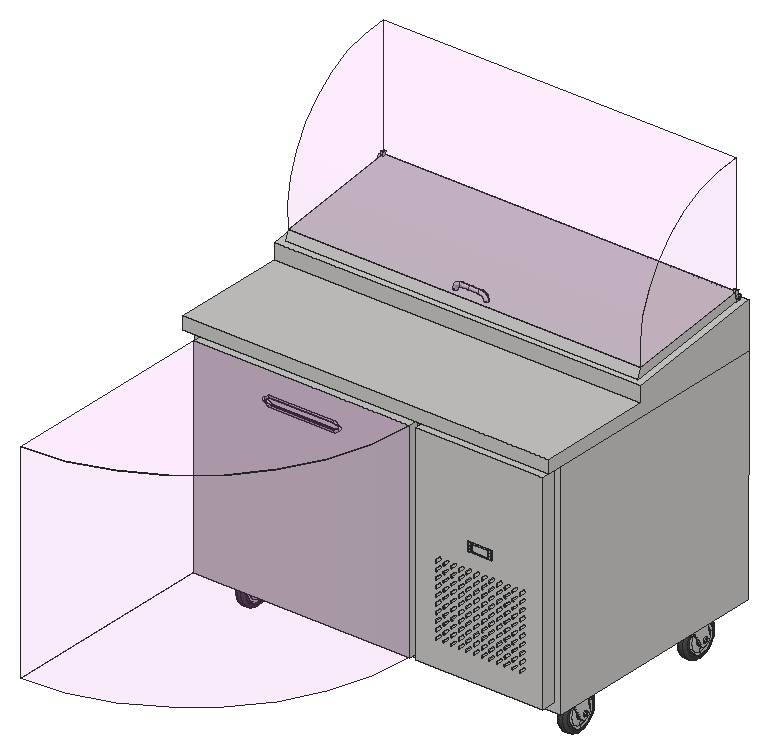
Revit family "QF_Kelvinator_738252_KCHPT50.6_1-Door_Pizza_Prep_Table_48_Long", category Specialty Equipment, Revit 2021
Family settings
  Round Connector Dimension = Use Diameter
  Part Type = Normal
  Work Plane-Based = No
  Always vertical = Yes
  Cut with Voids When Loaded = No
  Shared = No
  Room Calculation Point = No
Parameters
  Weight in Pounds = 224.872
  Watts = 700 W
  Volts = 115 V
  URL Cutsheet = ""
  Specification by User = ""
  Specification by Manufacturer = ""
  Serial Number = ""
  Seismic Rating = ""
  SMACNA No = ""
  Revision Code = ""
  Refrigerant Type = "R290"
  Phase = 1
  Number of Poles = 1
  NAFEM Spec ID Number = ""
  Model = "738252 (KCHPT50.6)"
  Min Ckt Ampacity = 0 A
  Max Overcurrent Protection = 0 A
  Masterspec = ""
  Manufacturer = "Kelvinator Commercial"
  Length = 47.375"
  Item Number = "738252"
  Installed By = ""
  Identify Quantity as Lot = yes
  Height = 41.3125"
  HP = "1/3"
  Furnished By = ""
  Foodservice Equipment Identifier = yes
  FL Amps = 5 A
  Electrical Remarks = ""
  Electric Connection Type = ""
  Elec Conn RI Height = 0.000"
  Elec Conn Connection Height = 0.000"
  Description = "1-Door Pizza Prep Table 48\" Long"
  Depth = 32.250"
  Default Elevation = 0.000"
  Cycle = 60 Hz
  Conn Plug = "5-15P"
  Conn Conduit = yes
  CSI MasterFormat = ""
  Apparent Power = 0 VA
Reference planes (in)
  plane 1 "BACK": y = 0
  plane 2: z = 0
  plane 3 "LEFT": x = 0
  plane 4 "RIGHT": x = 47.375
  plane 5 "FRONT": y = -32.25
  plane 6 "TOP": z = 41.3125
  plane 7 "Center Y": x = 23.6875
  plane 8 "Center X": y = -16.125
Dimensions and locks (in)
  equal spacing: plane 3 "LEFT", plane 7 "Center Y", plane 4 "RIGHT"
  "Length": plane 3 "LEFT" to plane 4 "RIGHT"
  equal spacing: plane 5 "FRONT", plane 8 "Center X", plane 1 "BACK"
  "Depth": plane 5 "FRONT" to plane 1 "BACK"
  "Height": plane 6 "TOP" to level
  aligned and locked: level to plane 2
Nested families (in)
  nested 1: "KCHPT" at (0, 0, 0), type "KCHPT"
    with Show Clearance yes
Connectors (in)
  electrical at (23.6875, -1.18418, 4.62235), driven by "Volts", driven by "Watts"
    settings: on nested 1, index 1, voltage 115 V, apparent load 700 VA, apparent load phase1 0 VA, apparent load phase2 0 VA, apparent load phase3 0 VA, power factor 1, load classification "Power", number of poles 1, system type 30, power factor state 1, is connector primary yes, connector utility no, sub classification motor no, connector description "Electrical Connection"
Definition of nested family "KCHPT"
  Parameters (values of type "KCHPT")
    Weight in Pounds = 0
    URL Cutsheet = ""
    Specification by User = ""
    Specification by Manufacturer = ""
    Show Clearance [instance] = yes
    Serial Number = ""
    Seismic Rating = ""
    SMACNA No = ""
    Revision Code = ""
    NAFEM Spec ID Number = ""
    Masterspec = ""
    Length = 47.375"
    Item Number = ""
    Installed By = ""
    Identify Quantity as Lot = yes
    Height = 41.53333"
    Furnished By = ""
    Foodservice Equipment Identifier = yes
    Depth = 32.250"
    Default Elevation = 0.000"
    CSI MasterFormat = ""
  Reference planes (in)
    plane 1 "BACK": y = 0
    plane 2: z = 0
    plane 3 "LEFT": x = 0
    plane 4 "RIGHT": x = 47.375
    plane 5 "FRONT": y = -32.25
    plane 6 "TOP": z = 41.53333
    plane 7 "Center Y": x = 23.6875
    plane 8 "Center X": y = -16.125
    plane 9: y = -58.9
    plane 10: y = -17.4
    plane 11: z = 34.33333
    plane 12: z = 6.03333
    plane 13: z = 40.23333
    plane 14: z = 35.93333
    plane 15: z = 5.5
    plane 16: z = 33.58333
    plane 17: z = 6.78333
  Forms (in)
    Extrusion 1, solid
      sketch origin (0, 0, 0) x (0, 1, 0) y (0, 0, 1)
        loop
          line (0, 34.33333) -> (-30.25, 34.33333) -> (-30.25, 5.5) -> (0, 5.5) -> (0, 34.33333)
      from 0 to 47.375
    Extrusion 2, solid
      sketch origin (0, -30.25, 34.33333) x (0, 0, -1) y (1, 0, 0)
        loop
          line (0.95244, 29.97108) -> (27.85244, 29.97108) -> (27.85244, 46.42303) -> (0.95244, 46.42303) -> (0.95244, 29.97108)
      from 0 to 1.75
    Extrusion 3, solid
      sketch origin (0, 0, 0) x (0, 1, 0) y (0, 0, 1)
        loop
          line (0, 34.33333) -> (0, 40.23333) -> (-17.4, 37.93333) -> (-17.4, 35.93333) -> (-32.25, 35.93333) -> (-32.25, 34.33333) -> (0, 34.33333)
      from 0 to 47.375
    Extrusion 4, solid
      sketch origin (0, 0, 0) x (0, 1, 0) y (0, 0, 1)
        loop
          line (-0.60032, 40.15398) -> (-0.73136, 41.14536) -> (-16.125, 39.11057) -> (-16.62626, 38.03561) -> (-0.60032, 40.15398)
      from 0.80534 to 46.42303
    Extrusion 5, solid
      sketch origin (0, 0, 0) x (0, 1, 0) y (0, 0, 1)
        loop
          line (-0.71931, 41.05415) -> (-0.60032, 40.15398) -> (-0.44954, 40.17391) -> (-0.54253, 40.87737) -> (-0.71931, 41.05415)
      from 1.41904 to 45.84907
    Extrusion 6, solid
      sketch origin (0, 0.25217, 0) x (0, 1, 0) y (0, 0, 1)
        loop
          line (-0.97921, 41.1126) -> (-0.94695, 41.23299)
          arc (-0.94695, 41.23299) -> (-0.93228, 41.2584) -> (-0.90687, 41.27307) r 0.05668
          line (-0.90687, 41.27307) -> (-0.8734, 41.28204) -> (-0.73405, 41.36488) -> (-0.8358, 41.46663) -> (-1.13256, 41.43019) -> (-1.19211, 41.53333)
          arc (-1.19211, 41.53333) -> (-1.21835, 41.30726) -> (-1.22705, 41.07984) r 2.94324
          line (-1.22705, 41.07984) -> (-1.09601, 40.08846) -> (-0.60032, 40.15398) -> (-0.97921, 41.1126)
      from 0.63594 to 0.91702
    Extrusion 7, solid
      sketch origin (47.19531, 0.25217, 0) x (0, 1, 0) y (0, 0, -1)
        loop
          line (-0.97921, -41.1126) -> (-0.60032, -40.15398) -> (-1.09601, -40.08846) -> (-1.22705, -41.07984)
          arc (-1.22705, -41.07984) -> (-1.21835, -41.30726) -> (-1.19211, -41.53333) r 2.94324
          line (-1.19211, -41.53333) -> (-1.13256, -41.43019) -> (-0.8358, -41.46663) -> (-0.73405, -41.36488) -> (-0.8734, -41.28204) -> (-0.90687, -41.27307)
          arc (-0.90687, -41.27307) -> (-0.93228, -41.2584) -> (-0.94695, -41.23299) r 0.05668
          line (-0.94695, -41.23299) -> (-0.97921, -41.1126)
      from 0.63594 to 0.91702
    Revolve 8, solid
      sketch origin (0, -0.77601, 40.03126) x (0, 0, -1) y (1, 0, 0)
        loop
          line (-0.77646, 0.63594) -> (-0.97864, 0.63594) -> (-0.97864, 0.29171) -> (-0.92809, 0.29171) -> (-0.92809, 0.25604) -> (-0.77646, 0.25604) -> (-0.77646, 0.63594)
        axis (-0.77646, 0.63594) -> (-0.77646, 0.25604)
      angle from 0 to 360
    Revolve 9, solid
      sketch origin (47.19531, -0.77601, 40.03126) x (0, 0, -1) y (1, 0, 0)
        loop
          line (-0.77646, -0.63594) -> (-0.77646, -0.25604) -> (-0.92809, -0.25604) -> (-0.92809, -0.29171) -> (-0.97864, -0.29171) -> (-0.97864, -0.63594) -> (-0.77646, -0.63594)
        axis (-0.77646, -0.63594) -> (-0.77646, -0.25604)
      angle from 0 to 360
    Sweep 10, solid
      path origin (0, -16.94992, 54.53737) x (0, 0.113722, -0.993513) y (1, 0, 0)
        loop
          line (15.52754, 21.6875) -> (15.34004, 21.6875)
          arc (15.34004, 21.6875) -> (14.80971, 21.90717) -> (14.59004, 22.4375) r 0.75
          line (14.59004, 22.4375) -> (14.59004, 23.6875) -> (14.59004, 24.9375)
          arc (14.59004, 24.9375) -> (14.80971, 25.46783) -> (15.34004, 25.6875) r 0.75
          line (15.34004, 25.6875) -> (15.52754, 25.6875)
      profile origin (24.3125, -15.29071, 40.04198) x (0, -0.113722, 0.993513) y (0, -0.993513, -0.113722)
        loop
          circle (0, 0) r 0.25
    Extrusion 11, solid
      sketch origin (0, -30.25, 34.33333) x (0, 0, -1) y (1, 0, 0)
        loop
          line (0.95244, 1.21311) -> (27.85244, 1.21311) -> (27.85244, 29.21077) -> (0.95244, 29.21077) -> (0.95244, 1.21311)
      from 0.61189 to 1.75
    Extrusion 12, solid
      sketch origin (0, 0, 0) x (0, 1, 0) y (0, 0, 1)
        loop
          line (-30.86189, 33.03333) -> (-30.86189, 6.78333) -> (-30.61189, 6.78333) -> (-30.61189, 33.03333) -> (-30.86189, 33.03333)
      from 1.5672 to 28.92706
    Extrusion 13, solid
      sketch origin (0, 0.25, 0) x (0, 1, 0) y (0, 0, 1)
        loop
          line (-30.86189, 33.03333) -> (-30.86189, 6.78333) -> (-30.63499, 6.78333) -> (-30.63499, 33.03333) -> (-30.86189, 33.03333)
      from 1.5672 to 28.92706
    Extrusion 14, solid
      sketch origin (0, 0.40775, 0) x (0, 1, 0) y (0, 0, 1)
        loop
          line (-30.79275, 33.03333) -> (-30.79275, 6.78333) -> (-30.65775, 6.78333) -> (-30.65775, 33.03333) -> (-30.79275, 33.03333)
      from 1.5672 to 28.92706
    Extrusion 15, solid
      sketch origin (13.31117, -32, 12.93481) x (-1, 0, 0) y (0, 0, 1)
        loop
          line (-23.36283, 9.70772) -> (-26.51243, 9.70772) -> (-26.51243, 8.52662) -> (-23.36283, 8.52662) -> (-23.36283, 9.70772)
        loop
          line (-23.44157, 9.63107) -> (-23.83527, 9.63107) -> (-23.83527, 9.31193) -> (-23.44157, 9.31193) -> (-23.44157, 9.63107)
        loop
          line (-23.44157, 9.27674) -> (-23.83527, 9.27674) -> (-23.83527, 8.9576) -> (-23.44157, 8.9576) -> (-23.44157, 9.27674)
        loop
          line (-23.44157, 8.92241) -> (-23.83527, 8.92241) -> (-23.83527, 8.60327) -> (-23.44157, 8.60327) -> (-23.44157, 8.92241)
        loop
          line (-26.43369, 9.63107) -> (-26.43369, 9.31193) -> (-26.03999, 9.31193) -> (-26.03999, 9.63107) -> (-26.43369, 9.63107)
        loop
          line (-26.43369, 9.27674) -> (-26.43369, 8.9576) -> (-26.03999, 8.9576) -> (-26.03999, 9.27674) -> (-26.43369, 9.27674)
        loop
          line (-26.43369, 8.92241) -> (-26.43369, 8.60327) -> (-26.03999, 8.60327) -> (-26.03999, 8.92241) -> (-26.43369, 8.92241)
        loop
          line (-23.91275, 9.63107) -> (-25.96251, 9.63107) -> (-25.96251, 8.60716) -> (-23.91275, 8.60716) -> (-23.91275, 9.63107)
      from 0.07874 to -0.04602
    Extrusion 16, solid
      sketch origin (13.31117, -32.04602, 12.93481) x (1, 0, 0) y (0, 0, 1)
        loop
          line (26.03999, 9.63107) -> (26.03999, 9.31193) -> (26.43369, 9.31193) -> (26.43369, 9.63107) -> (26.03999, 9.63107)
        loop
          line (26.03999, 9.27674) -> (26.03999, 8.9576) -> (26.43369, 8.9576) -> (26.43369, 9.27674) -> (26.03999, 9.27674)
        loop
          line (26.03999, 8.92241) -> (26.03999, 8.60327) -> (26.43369, 8.60327) -> (26.43369, 8.92241) -> (26.03999, 8.92241)
        loop
          line (23.83527, 9.63107) -> (23.44157, 9.63107) -> (23.44157, 9.31193) -> (23.83527, 9.31193) -> (23.83527, 9.63107)
        loop
          line (23.83527, 9.27674) -> (23.44157, 9.27674) -> (23.44157, 8.9576) -> (23.83527, 8.9576) -> (23.83527, 9.27674)
        loop
          line (23.83527, 8.92241) -> (23.44157, 8.92241) -> (23.44157, 8.60327) -> (23.83527, 8.60327) -> (23.83527, 8.92241)
      from 0 to -0.07874
    Extrusion 17, solid
      sketch origin (13.31117, -32.04602, 12.93481) x (1, 0, 0) y (0, 0, 1)
        loop
          line (23.91275, 9.63107) -> (23.91275, 8.60716) -> (25.96251, 8.60716) -> (25.96251, 9.63107) -> (23.91275, 9.63107)
      from 0 to -0.07874
    Extrusion 18, void
      sketch origin (13.31117, -32, 12.93481) x (-1, 0, 0) y (0, 0, 1)
        loop
          line (-23.36283, 9.70772) -> (-26.51243, 9.70772) -> (-26.51243, 8.52662) -> (-23.36283, 8.52662) -> (-23.36283, 9.70772)
      from 0 to 0.07874
    Extrusion 19, void
      sketch origin (-15.03105, -31.99996, 32.23218) x (0, 0, 1) y (1, 0, 0)
        loop
          line (-1.94791, 26.10318) -> (-1.94791, 34.45318) -> (-2.28604, 34.99418)
          arc (-2.28604, 34.99418) -> (-2.38541, 35.04926) -> (-2.48479, 34.99418) r 0.11719
          line (-2.48479, 34.99418) -> (-2.82291, 34.45318) -> (-2.82291, 26.10318) -> (-2.48621, 25.56446)
          arc (-2.48621, 25.56446) -> (-2.38541, 25.50859) -> (-2.28462, 25.56446) r 0.11887
          line (-2.28462, 25.56446) -> (-1.94791, 26.10318)
      from 0 to 0.31887
    Sweep 20, solid
      path origin (-15.03105, -29.19996, 32.23218) x (0, 0, -1) y (1, 0, 0)
        loop
          line (2.82291, 34.45318) -> (2.48479, 34.99418)
          arc (2.48479, 34.99418) -> (2.38541, 35.04926) -> (2.28604, 34.99418) r 0.11719
          line (2.28604, 34.99418) -> (1.94791, 34.45318) -> (1.94791, 26.10318) -> (2.28462, 25.56446)
          arc (2.28462, 25.56446) -> (2.38541, 25.50859) -> (2.48621, 25.56446) r 0.11887
          line (2.48621, 25.56446) -> (2.82291, 26.10318) -> (2.82291, 34.45318)
      profile origin (15.24713, -29.19996, 29.40927) x (0, 0, -1) y (0, -1, 0)
        loop
          line (0, 2.8) -> (0.25, 2.8)
          arc (0.25, 2.8) -> (0.125, 2.85269) -> (0, 2.8) r 0.17461
    Extrusion 21, void
      sketch origin (0, -32, 34.33333) x (0, 0, 1) y (1, 0, 0)
        loop
          line (-15.37242, 32.54824) -> (-14.84209, 33.07857)
          arc (-14.84209, 33.07857) -> (-14.84209, 33.28659) -> (-15.05012, 33.28659) r 0.1471
          line (-15.05012, 33.28659) -> (-15.58045, 32.75626)
          arc (-15.58045, 32.75626) -> (-15.58045, 32.54824) -> (-15.37242, 32.54824) r 0.1471
        loop
          line (-15.37242, 33.54824) -> (-14.84209, 34.07857)
          arc (-14.84209, 34.07857) -> (-14.84209, 34.28659) -> (-15.05012, 34.28659) r 0.1471
          line (-15.05012, 34.28659) -> (-15.58045, 33.75626)
          arc (-15.58045, 33.75626) -> (-15.58045, 33.54824) -> (-15.37242, 33.54824) r 0.1471
        loop
          line (-15.37242, 34.54824) -> (-14.84209, 35.07857)
          arc (-14.84209, 35.07857) -> (-14.84209, 35.28659) -> (-15.05012, 35.28659) r 0.1471
          line (-15.05012, 35.28659) -> (-15.58045, 34.75626)
          arc (-15.58045, 34.75626) -> (-15.58045, 34.54824) -> (-15.37242, 34.54824) r 0.1471
        loop
          line (-15.37242, 35.51699) -> (-14.84209, 36.04732)
          arc (-14.84209, 36.04732) -> (-14.84209, 36.25534) -> (-15.05012, 36.25534) r 0.1471
          line (-15.05012, 36.25534) -> (-15.58045, 35.72501)
          arc (-15.58045, 35.72501) -> (-15.58045, 35.51699) -> (-15.37242, 35.51699) r 0.1471
        loop
          line (-15.37242, 36.48574) -> (-14.84209, 37.01607)
          arc (-14.84209, 37.01607) -> (-14.84209, 37.22409) -> (-15.05012, 37.22409) r 0.1471
          line (-15.05012, 37.22409) -> (-15.58045, 36.69376)
          arc (-15.58045, 36.69376) -> (-15.58045, 36.48574) -> (-15.37242, 36.48574) r 0.1471
        loop
          line (-15.37242, 37.48574) -> (-14.84209, 38.01607)
          arc (-14.84209, 38.01607) -> (-14.84209, 38.22409) -> (-15.05012, 38.22409) r 0.1471
          line (-15.05012, 38.22409) -> (-15.58045, 37.69376)
          arc (-15.58045, 37.69376) -> (-15.58045, 37.48574) -> (-15.37242, 37.48574) r 0.1471
        loop
          line (-15.37242, 38.48574) -> (-14.84209, 39.01607)
          arc (-14.84209, 39.01607) -> (-14.84209, 39.22409) -> (-15.05012, 39.22409) r 0.1471
          line (-15.05012, 39.22409) -> (-15.58045, 38.69376)
          arc (-15.58045, 38.69376) -> (-15.58045, 38.48574) -> (-15.37242, 38.48574) r 0.1471
        loop
          line (-15.37242, 39.45449) -> (-14.84209, 39.98482)
          arc (-14.84209, 39.98482) -> (-14.84209, 40.19284) -> (-15.05012, 40.19284) r 0.1471
          line (-15.05012, 40.19284) -> (-15.58045, 39.66251)
          arc (-15.58045, 39.66251) -> (-15.58045, 39.45449) -> (-15.37242, 39.45449) r 0.1471
        loop
          line (-15.37242, 40.45449) -> (-14.84209, 40.98482)
          arc (-14.84209, 40.98482) -> (-14.84209, 41.19284) -> (-15.05012, 41.19284) r 0.1471
          line (-15.05012, 41.19284) -> (-15.58045, 40.66251)
          arc (-15.58045, 40.66251) -> (-15.58045, 40.45449) -> (-15.37242, 40.45449) r 0.1471
        loop
          line (-15.37242, 41.45449) -> (-14.84209, 41.98482)
          arc (-14.84209, 41.98482) -> (-14.84209, 42.19284) -> (-15.05012, 42.19284) r 0.1471
          line (-15.05012, 42.19284) -> (-15.58045, 41.66251)
          arc (-15.58045, 41.66251) -> (-15.58045, 41.45449) -> (-15.37242, 41.45449) r 0.1471
        loop
          line (-15.37242, 42.45449) -> (-14.84209, 42.98482)
          arc (-14.84209, 42.98482) -> (-14.84209, 43.19284) -> (-15.05012, 43.19284) r 0.1471
          line (-15.05012, 43.19284) -> (-15.58045, 42.66251)
          arc (-15.58045, 42.66251) -> (-15.58045, 42.45449) -> (-15.37242, 42.45449) r 0.1471
        loop
          line (-15.37242, 43.42324) -> (-14.84209, 43.95357)
          arc (-14.84209, 43.95357) -> (-14.84209, 44.16159) -> (-15.05012, 44.16159) r 0.1471
          line (-15.05012, 44.16159) -> (-15.58045, 43.63126)
          arc (-15.58045, 43.63126) -> (-15.58045, 43.42324) -> (-15.37242, 43.42324) r 0.1471
        loop
          line (-16.37242, 32.54824) -> (-15.84209, 33.07857)
          arc (-15.84209, 33.07857) -> (-15.84209, 33.28659) -> (-16.05012, 33.28659) r 0.1471
          line (-16.05012, 33.28659) -> (-16.58045, 32.75626)
          arc (-16.58045, 32.75626) -> (-16.58045, 32.54824) -> (-16.37242, 32.54824) r 0.1471
        loop
          line (-16.37242, 33.54824) -> (-15.84209, 34.07857)
          arc (-15.84209, 34.07857) -> (-15.84209, 34.28659) -> (-16.05012, 34.28659) r 0.1471
          line (-16.05012, 34.28659) -> (-16.58045, 33.75626)
          arc (-16.58045, 33.75626) -> (-16.58045, 33.54824) -> (-16.37242, 33.54824) r 0.1471
        loop
          line (-16.37242, 34.54824) -> (-15.84209, 35.07857)
          arc (-15.84209, 35.07857) -> (-15.84209, 35.28659) -> (-16.05012, 35.28659) r 0.1471
          line (-16.05012, 35.28659) -> (-16.58045, 34.75626)
          arc (-16.58045, 34.75626) -> (-16.58045, 34.54824) -> (-16.37242, 34.54824) r 0.1471
        loop
          line (-16.37242, 35.51699) -> (-15.84209, 36.04732)
          arc (-15.84209, 36.04732) -> (-15.84209, 36.25534) -> (-16.05012, 36.25534) r 0.1471
          line (-16.05012, 36.25534) -> (-16.58045, 35.72501)
          arc (-16.58045, 35.72501) -> (-16.58045, 35.51699) -> (-16.37242, 35.51699) r 0.1471
        loop
          line (-16.37242, 36.48574) -> (-15.84209, 37.01607)
          arc (-15.84209, 37.01607) -> (-15.84209, 37.22409) -> (-16.05012, 37.22409) r 0.1471
          line (-16.05012, 37.22409) -> (-16.58045, 36.69376)
          arc (-16.58045, 36.69376) -> (-16.58045, 36.48574) -> (-16.37242, 36.48574) r 0.1471
        loop
          line (-16.37242, 37.48574) -> (-15.84209, 38.01607)
          arc (-15.84209, 38.01607) -> (-15.84209, 38.22409) -> (-16.05012, 38.22409) r 0.1471
          line (-16.05012, 38.22409) -> (-16.58045, 37.69376)
          arc (-16.58045, 37.69376) -> (-16.58045, 37.48574) -> (-16.37242, 37.48574) r 0.1471
        loop
          line (-16.37242, 38.48574) -> (-15.84209, 39.01607)
          arc (-15.84209, 39.01607) -> (-15.84209, 39.22409) -> (-16.05012, 39.22409) r 0.1471
          line (-16.05012, 39.22409) -> (-16.58045, 38.69376)
          arc (-16.58045, 38.69376) -> (-16.58045, 38.48574) -> (-16.37242, 38.48574) r 0.1471
        loop
          line (-16.37242, 39.45449) -> (-15.84209, 39.98482)
          arc (-15.84209, 39.98482) -> (-15.84209, 40.19284) -> (-16.05012, 40.19284) r 0.1471
          line (-16.05012, 40.19284) -> (-16.58045, 39.66251)
          arc (-16.58045, 39.66251) -> (-16.58045, 39.45449) -> (-16.37242, 39.45449) r 0.1471
        loop
          line (-16.37242, 40.45449) -> (-15.84209, 40.98482)
          arc (-15.84209, 40.98482) -> (-15.84209, 41.19284) -> (-16.05012, 41.19284) r 0.1471
          line (-16.05012, 41.19284) -> (-16.58045, 40.66251)
          arc (-16.58045, 40.66251) -> (-16.58045, 40.45449) -> (-16.37242, 40.45449) r 0.1471
        loop
          line (-16.37242, 41.45449) -> (-15.84209, 41.98482)
          arc (-15.84209, 41.98482) -> (-15.84209, 42.19284) -> (-16.05012, 42.19284) r 0.1471
          line (-16.05012, 42.19284) -> (-16.58045, 41.66251)
          arc (-16.58045, 41.66251) -> (-16.58045, 41.45449) -> (-16.37242, 41.45449) r 0.1471
        loop
          line (-16.37242, 42.45449) -> (-15.84209, 42.98482)
          arc (-15.84209, 42.98482) -> (-15.84209, 43.19284) -> (-16.05012, 43.19284) r 0.1471
          line (-16.05012, 43.19284) -> (-16.58045, 42.66251)
          arc (-16.58045, 42.66251) -> (-16.58045, 42.45449) -> (-16.37242, 42.45449) r 0.1471
        loop
          line (-16.37242, 43.42324) -> (-15.84209, 43.95357)
          arc (-15.84209, 43.95357) -> (-15.84209, 44.16159) -> (-16.05012, 44.16159) r 0.1471
          line (-16.05012, 44.16159) -> (-16.58045, 43.63126)
          arc (-16.58045, 43.63126) -> (-16.58045, 43.42324) -> (-16.37242, 43.42324) r 0.1471
        loop
          line (-17.37242, 32.54824) -> (-16.84209, 33.07857)
          arc (-16.84209, 33.07857) -> (-16.84209, 33.28659) -> (-17.05012, 33.28659) r 0.1471
          line (-17.05012, 33.28659) -> (-17.58045, 32.75626)
          arc (-17.58045, 32.75626) -> (-17.58045, 32.54824) -> (-17.37242, 32.54824) r 0.1471
        loop
          line (-17.37242, 33.54824) -> (-16.84209, 34.07857)
          arc (-16.84209, 34.07857) -> (-16.84209, 34.28659) -> (-17.05012, 34.28659) r 0.1471
          line (-17.05012, 34.28659) -> (-17.58045, 33.75626)
          arc (-17.58045, 33.75626) -> (-17.58045, 33.54824) -> (-17.37242, 33.54824) r 0.1471
        loop
          line (-17.37242, 34.54824) -> (-16.84209, 35.07857)
          arc (-16.84209, 35.07857) -> (-16.84209, 35.28659) -> (-17.05012, 35.28659) r 0.1471
          line (-17.05012, 35.28659) -> (-17.58045, 34.75626)
          arc (-17.58045, 34.75626) -> (-17.58045, 34.54824) -> (-17.37242, 34.54824) r 0.1471
        loop
          line (-17.37242, 35.51699) -> (-16.84209, 36.04732)
          arc (-16.84209, 36.04732) -> (-16.84209, 36.25534) -> (-17.05012, 36.25534) r 0.1471
          line (-17.05012, 36.25534) -> (-17.58045, 35.72501)
          arc (-17.58045, 35.72501) -> (-17.58045, 35.51699) -> (-17.37242, 35.51699) r 0.1471
        loop
          line (-17.37242, 36.48574) -> (-16.84209, 37.01607)
          arc (-16.84209, 37.01607) -> (-16.84209, 37.22409) -> (-17.05012, 37.22409) r 0.1471
          line (-17.05012, 37.22409) -> (-17.58045, 36.69376)
          arc (-17.58045, 36.69376) -> (-17.58045, 36.48574) -> (-17.37242, 36.48574) r 0.1471
        loop
          line (-17.37242, 37.48574) -> (-16.84209, 38.01607)
          arc (-16.84209, 38.01607) -> (-16.84209, 38.22409) -> (-17.05012, 38.22409) r 0.1471
          line (-17.05012, 38.22409) -> (-17.58045, 37.69376)
          arc (-17.58045, 37.69376) -> (-17.58045, 37.48574) -> (-17.37242, 37.48574) r 0.1471
        loop
          line (-17.37242, 38.48574) -> (-16.84209, 39.01607)
          arc (-16.84209, 39.01607) -> (-16.84209, 39.22409) -> (-17.05012, 39.22409) r 0.1471
          line (-17.05012, 39.22409) -> (-17.58045, 38.69376)
          arc (-17.58045, 38.69376) -> (-17.58045, 38.48574) -> (-17.37242, 38.48574) r 0.1471
        loop
          line (-17.37242, 39.45449) -> (-16.84209, 39.98482)
          arc (-16.84209, 39.98482) -> (-16.84209, 40.19284) -> (-17.05012, 40.19284) r 0.1471
          line (-17.05012, 40.19284) -> (-17.58045, 39.66251)
          arc (-17.58045, 39.66251) -> (-17.58045, 39.45449) -> (-17.37242, 39.45449) r 0.1471
        loop
          line (-17.37242, 40.45449) -> (-16.84209, 40.98482)
          arc (-16.84209, 40.98482) -> (-16.84209, 41.19284) -> (-17.05012, 41.19284) r 0.1471
          line (-17.05012, 41.19284) -> (-17.58045, 40.66251)
          arc (-17.58045, 40.66251) -> (-17.58045, 40.45449) -> (-17.37242, 40.45449) r 0.1471
        loop
          line (-17.37242, 41.45449) -> (-16.84209, 41.98482)
          arc (-16.84209, 41.98482) -> (-16.84209, 42.19284) -> (-17.05012, 42.19284) r 0.1471
          line (-17.05012, 42.19284) -> (-17.58045, 41.66251)
          arc (-17.58045, 41.66251) -> (-17.58045, 41.45449) -> (-17.37242, 41.45449) r 0.1471
        loop
          line (-17.37242, 42.45449) -> (-16.84209, 42.98482)
          arc (-16.84209, 42.98482) -> (-16.84209, 43.19284) -> (-17.05012, 43.19284) r 0.1471
          line (-17.05012, 43.19284) -> (-17.58045, 42.66251)
          arc (-17.58045, 42.66251) -> (-17.58045, 42.45449) -> (-17.37242, 42.45449) r 0.1471
        loop
          line (-17.37242, 43.42324) -> (-16.84209, 43.95357)
          arc (-16.84209, 43.95357) -> (-16.84209, 44.16159) -> (-17.05012, 44.16159) r 0.1471
          line (-17.05012, 44.16159) -> (-17.58045, 43.63126)
          arc (-17.58045, 43.63126) -> (-17.58045, 43.42324) -> (-17.37242, 43.42324) r 0.1471
        loop
          line (-18.37242, 32.54824) -> (-17.84209, 33.07857)
          arc (-17.84209, 33.07857) -> (-17.84209, 33.28659) -> (-18.05012, 33.28659) r 0.1471
          line (-18.05012, 33.28659) -> (-18.58045, 32.75626)
          arc (-18.58045, 32.75626) -> (-18.58045, 32.54824) -> (-18.37242, 32.54824) r 0.1471
        loop
          line (-18.37242, 33.54824) -> (-17.84209, 34.07857)
          arc (-17.84209, 34.07857) -> (-17.84209, 34.28659) -> (-18.05012, 34.28659) r 0.1471
          line (-18.05012, 34.28659) -> (-18.58045, 33.75626)
          arc (-18.58045, 33.75626) -> (-18.58045, 33.54824) -> (-18.37242, 33.54824) r 0.1471
        loop
          line (-18.37242, 34.54824) -> (-17.84209, 35.07857)
          arc (-17.84209, 35.07857) -> (-17.84209, 35.28659) -> (-18.05012, 35.28659) r 0.1471
          line (-18.05012, 35.28659) -> (-18.58045, 34.75626)
          arc (-18.58045, 34.75626) -> (-18.58045, 34.54824) -> (-18.37242, 34.54824) r 0.1471
        loop
          line (-18.37242, 35.51699) -> (-17.84209, 36.04732)
          arc (-17.84209, 36.04732) -> (-17.84209, 36.25534) -> (-18.05012, 36.25534) r 0.1471
          line (-18.05012, 36.25534) -> (-18.58045, 35.72501)
          arc (-18.58045, 35.72501) -> (-18.58045, 35.51699) -> (-18.37242, 35.51699) r 0.1471
        loop
          line (-18.37242, 36.48574) -> (-17.84209, 37.01607)
          arc (-17.84209, 37.01607) -> (-17.84209, 37.22409) -> (-18.05012, 37.22409) r 0.1471
          line (-18.05012, 37.22409) -> (-18.58045, 36.69376)
          arc (-18.58045, 36.69376) -> (-18.58045, 36.48574) -> (-18.37242, 36.48574) r 0.1471
        loop
          line (-18.37242, 37.48574) -> (-17.84209, 38.01607)
          arc (-17.84209, 38.01607) -> (-17.84209, 38.22409) -> (-18.05012, 38.22409) r 0.1471
          line (-18.05012, 38.22409) -> (-18.58045, 37.69376)
          arc (-18.58045, 37.69376) -> (-18.58045, 37.48574) -> (-18.37242, 37.48574) r 0.1471
        loop
          line (-18.37242, 38.48574) -> (-17.84209, 39.01607)
          arc (-17.84209, 39.01607) -> (-17.84209, 39.22409) -> (-18.05012, 39.22409) r 0.1471
          line (-18.05012, 39.22409) -> (-18.58045, 38.69376)
          arc (-18.58045, 38.69376) -> (-18.58045, 38.48574) -> (-18.37242, 38.48574) r 0.1471
        loop
          line (-18.37242, 39.45449) -> (-17.84209, 39.98482)
          arc (-17.84209, 39.98482) -> (-17.84209, 40.19284) -> (-18.05012, 40.19284) r 0.1471
          line (-18.05012, 40.19284) -> (-18.58045, 39.66251)
          arc (-18.58045, 39.66251) -> (-18.58045, 39.45449) -> (-18.37242, 39.45449) r 0.1471
        loop
          line (-18.37242, 40.45449) -> (-17.84209, 40.98482)
          arc (-17.84209, 40.98482) -> (-17.84209, 41.19284) -> (-18.05012, 41.19284) r 0.1471
          line (-18.05012, 41.19284) -> (-18.58045, 40.66251)
          arc (-18.58045, 40.66251) -> (-18.58045, 40.45449) -> (-18.37242, 40.45449) r 0.1471
        loop
          line (-18.37242, 41.45449) -> (-17.84209, 41.98482)
          arc (-17.84209, 41.98482) -> (-17.84209, 42.19284) -> (-18.05012, 42.19284) r 0.1471
          line (-18.05012, 42.19284) -> (-18.58045, 41.66251)
          arc (-18.58045, 41.66251) -> (-18.58045, 41.45449) -> (-18.37242, 41.45449) r 0.1471
        loop
          line (-18.37242, 42.45449) -> (-17.84209, 42.98482)
          arc (-17.84209, 42.98482) -> (-17.84209, 43.19284) -> (-18.05012, 43.19284) r 0.1471
          line (-18.05012, 43.19284) -> (-18.58045, 42.66251)
          arc (-18.58045, 42.66251) -> (-18.58045, 42.45449) -> (-18.37242, 42.45449) r 0.1471
        loop
          line (-18.37242, 43.42324) -> (-17.84209, 43.95357)
          arc (-17.84209, 43.95357) -> (-17.84209, 44.16159) -> (-18.05012, 44.16159) r 0.1471
          line (-18.05012, 44.16159) -> (-18.58045, 43.63126)
          arc (-18.58045, 43.63126) -> (-18.58045, 43.42324) -> (-18.37242, 43.42324) r 0.1471
        loop
          line (-19.3519, 32.54824) -> (-18.82157, 33.07857)
          arc (-18.82157, 33.07857) -> (-18.82157, 33.28659) -> (-19.02959, 33.28659) r 0.1471
          line (-19.02959, 33.28659) -> (-19.55992, 32.75626)
          arc (-19.55992, 32.75626) -> (-19.55992, 32.54824) -> (-19.3519, 32.54824) r 0.1471
        loop
          line (-19.3519, 33.54824) -> (-18.82157, 34.07857)
          arc (-18.82157, 34.07857) -> (-18.82157, 34.28659) -> (-19.02959, 34.28659) r 0.1471
          line (-19.02959, 34.28659) -> (-19.55992, 33.75626)
          arc (-19.55992, 33.75626) -> (-19.55992, 33.54824) -> (-19.3519, 33.54824) r 0.1471
        loop
          line (-19.3519, 34.54824) -> (-18.82157, 35.07857)
          arc (-18.82157, 35.07857) -> (-18.82157, 35.28659) -> (-19.02959, 35.28659) r 0.1471
          line (-19.02959, 35.28659) -> (-19.55992, 34.75626)
          arc (-19.55992, 34.75626) -> (-19.55992, 34.54824) -> (-19.3519, 34.54824) r 0.1471
        loop
          line (-19.3519, 35.51699) -> (-18.82157, 36.04732)
          arc (-18.82157, 36.04732) -> (-18.82157, 36.25534) -> (-19.02959, 36.25534) r 0.1471
          line (-19.02959, 36.25534) -> (-19.55992, 35.72501)
          arc (-19.55992, 35.72501) -> (-19.55992, 35.51699) -> (-19.3519, 35.51699) r 0.1471
        loop
          line (-19.3519, 36.48574) -> (-18.82157, 37.01607)
          arc (-18.82157, 37.01607) -> (-18.82157, 37.22409) -> (-19.02959, 37.22409) r 0.1471
          line (-19.02959, 37.22409) -> (-19.55992, 36.69376)
          arc (-19.55992, 36.69376) -> (-19.55992, 36.48574) -> (-19.3519, 36.48574) r 0.1471
        loop
          line (-19.3519, 37.48574) -> (-18.82157, 38.01607)
          arc (-18.82157, 38.01607) -> (-18.82157, 38.22409) -> (-19.02959, 38.22409) r 0.1471
          line (-19.02959, 38.22409) -> (-19.55992, 37.69376)
          arc (-19.55992, 37.69376) -> (-19.55992, 37.48574) -> (-19.3519, 37.48574) r 0.1471
        loop
          line (-19.3519, 38.48574) -> (-18.82157, 39.01607)
          arc (-18.82157, 39.01607) -> (-18.82157, 39.22409) -> (-19.02959, 39.22409) r 0.1471
          line (-19.02959, 39.22409) -> (-19.55992, 38.69376)
          arc (-19.55992, 38.69376) -> (-19.55992, 38.48574) -> (-19.3519, 38.48574) r 0.1471
        loop
          line (-19.3519, 39.45449) -> (-18.82157, 39.98482)
          arc (-18.82157, 39.98482) -> (-18.82157, 40.19284) -> (-19.02959, 40.19284) r 0.1471
          line (-19.02959, 40.19284) -> (-19.55992, 39.66251)
          arc (-19.55992, 39.66251) -> (-19.55992, 39.45449) -> (-19.3519, 39.45449) r 0.1471
        loop
          line (-19.3519, 40.45449) -> (-18.82157, 40.98482)
          arc (-18.82157, 40.98482) -> (-18.82157, 41.19284) -> (-19.02959, 41.19284) r 0.1471
          line (-19.02959, 41.19284) -> (-19.55992, 40.66251)
          arc (-19.55992, 40.66251) -> (-19.55992, 40.45449) -> (-19.3519, 40.45449) r 0.1471
        loop
          line (-19.3519, 41.45449) -> (-18.82157, 41.98482)
          arc (-18.82157, 41.98482) -> (-18.82157, 42.19284) -> (-19.02959, 42.19284) r 0.1471
          line (-19.02959, 42.19284) -> (-19.55992, 41.66251)
          arc (-19.55992, 41.66251) -> (-19.55992, 41.45449) -> (-19.3519, 41.45449) r 0.1471
        loop
          line (-19.3519, 42.45449) -> (-18.82157, 42.98482)
          arc (-18.82157, 42.98482) -> (-18.82157, 43.19284) -> (-19.02959, 43.19284) r 0.1471
          line (-19.02959, 43.19284) -> (-19.55992, 42.66251)
          arc (-19.55992, 42.66251) -> (-19.55992, 42.45449) -> (-19.3519, 42.45449) r 0.1471
        loop
          line (-19.3519, 43.42324) -> (-18.82157, 43.95357)
          arc (-18.82157, 43.95357) -> (-18.82157, 44.16159) -> (-19.02959, 44.16159) r 0.1471
          line (-19.02959, 44.16159) -> (-19.55992, 43.63126)
          arc (-19.55992, 43.63126) -> (-19.55992, 43.42324) -> (-19.3519, 43.42324) r 0.1471
        loop
          line (-20.3519, 32.54824) -> (-19.82157, 33.07857)
          arc (-19.82157, 33.07857) -> (-19.82157, 33.28659) -> (-20.02959, 33.28659) r 0.1471
          line (-20.02959, 33.28659) -> (-20.55992, 32.75626)
          arc (-20.55992, 32.75626) -> (-20.55992, 32.54824) -> (-20.3519, 32.54824) r 0.1471
        loop
          line (-20.3519, 33.54824) -> (-19.82157, 34.07857)
          arc (-19.82157, 34.07857) -> (-19.82157, 34.28659) -> (-20.02959, 34.28659) r 0.1471
          line (-20.02959, 34.28659) -> (-20.55992, 33.75626)
          arc (-20.55992, 33.75626) -> (-20.55992, 33.54824) -> (-20.3519, 33.54824) r 0.1471
        loop
          line (-20.3519, 34.54824) -> (-19.82157, 35.07857)
          arc (-19.82157, 35.07857) -> (-19.82157, 35.28659) -> (-20.02959, 35.28659) r 0.1471
          line (-20.02959, 35.28659) -> (-20.55992, 34.75626)
          arc (-20.55992, 34.75626) -> (-20.55992, 34.54824) -> (-20.3519, 34.54824) r 0.1471
        loop
          line (-20.3519, 35.51699) -> (-19.82157, 36.04732)
          arc (-19.82157, 36.04732) -> (-19.82157, 36.25534) -> (-20.02959, 36.25534) r 0.1471
          line (-20.02959, 36.25534) -> (-20.55992, 35.72501)
          arc (-20.55992, 35.72501) -> (-20.55992, 35.51699) -> (-20.3519, 35.51699) r 0.1471
        loop
          line (-20.3519, 36.48574) -> (-19.82157, 37.01607)
          arc (-19.82157, 37.01607) -> (-19.82157, 37.22409) -> (-20.02959, 37.22409) r 0.1471
          line (-20.02959, 37.22409) -> (-20.55992, 36.69376)
          arc (-20.55992, 36.69376) -> (-20.55992, 36.48574) -> (-20.3519, 36.48574) r 0.1471
        loop
          line (-20.3519, 37.48574) -> (-19.82157, 38.01607)
          arc (-19.82157, 38.01607) -> (-19.82157, 38.22409) -> (-20.02959, 38.22409) r 0.1471
          line (-20.02959, 38.22409) -> (-20.55992, 37.69376)
          arc (-20.55992, 37.69376) -> (-20.55992, 37.48574) -> (-20.3519, 37.48574) r 0.1471
        loop
          line (-20.3519, 38.48574) -> (-19.82157, 39.01607)
          arc (-19.82157, 39.01607) -> (-19.82157, 39.22409) -> (-20.02959, 39.22409) r 0.1471
          line (-20.02959, 39.22409) -> (-20.55992, 38.69376)
          arc (-20.55992, 38.69376) -> (-20.55992, 38.48574) -> (-20.3519, 38.48574) r 0.1471
        loop
          line (-20.3519, 39.45449) -> (-19.82157, 39.98482)
          arc (-19.82157, 39.98482) -> (-19.82157, 40.19284) -> (-20.02959, 40.19284) r 0.1471
          line (-20.02959, 40.19284) -> (-20.55992, 39.66251)
          arc (-20.55992, 39.66251) -> (-20.55992, 39.45449) -> (-20.3519, 39.45449) r 0.1471
        loop
          line (-20.3519, 40.45449) -> (-19.82157, 40.98482)
          arc (-19.82157, 40.98482) -> (-19.82157, 41.19284) -> (-20.02959, 41.19284) r 0.1471
          line (-20.02959, 41.19284) -> (-20.55992, 40.66251)
          arc (-20.55992, 40.66251) -> (-20.55992, 40.45449) -> (-20.3519, 40.45449) r 0.1471
        loop
          line (-20.3519, 41.45449) -> (-19.82157, 41.98482)
          arc (-19.82157, 41.98482) -> (-19.82157, 42.19284) -> (-20.02959, 42.19284) r 0.1471
          line (-20.02959, 42.19284) -> (-20.55992, 41.66251)
          arc (-20.55992, 41.66251) -> (-20.55992, 41.45449) -> (-20.3519, 41.45449) r 0.1471
        loop
          line (-20.3519, 42.45449) -> (-19.82157, 42.98482)
          arc (-19.82157, 42.98482) -> (-19.82157, 43.19284) -> (-20.02959, 43.19284) r 0.1471
          line (-20.02959, 43.19284) -> (-20.55992, 42.66251)
          arc (-20.55992, 42.66251) -> (-20.55992, 42.45449) -> (-20.3519, 42.45449) r 0.1471
        loop
          line (-20.3519, 43.42324) -> (-19.82157, 43.95357)
          arc (-19.82157, 43.95357) -> (-19.82157, 44.16159) -> (-20.02959, 44.16159) r 0.1471
          line (-20.02959, 44.16159) -> (-20.55992, 43.63126)
          arc (-20.55992, 43.63126) -> (-20.55992, 43.42324) -> (-20.3519, 43.42324) r 0.1471
        loop
          line (-21.3519, 32.54824) -> (-20.82157, 33.07857)
          arc (-20.82157, 33.07857) -> (-20.82157, 33.28659) -> (-21.02959, 33.28659) r 0.1471
          line (-21.02959, 33.28659) -> (-21.55992, 32.75626)
          arc (-21.55992, 32.75626) -> (-21.55992, 32.54824) -> (-21.3519, 32.54824) r 0.1471
        loop
          line (-21.3519, 33.54824) -> (-20.82157, 34.07857)
          arc (-20.82157, 34.07857) -> (-20.82157, 34.28659) -> (-21.02959, 34.28659) r 0.1471
          line (-21.02959, 34.28659) -> (-21.55992, 33.75626)
          arc (-21.55992, 33.75626) -> (-21.55992, 33.54824) -> (-21.3519, 33.54824) r 0.1471
        loop
          line (-21.3519, 34.54824) -> (-20.82157, 35.07857)
          arc (-20.82157, 35.07857) -> (-20.82157, 35.28659) -> (-21.02959, 35.28659) r 0.1471
          line (-21.02959, 35.28659) -> (-21.55992, 34.75626)
          arc (-21.55992, 34.75626) -> (-21.55992, 34.54824) -> (-21.3519, 34.54824) r 0.1471
        loop
          line (-21.3519, 35.51699) -> (-20.82157, 36.04732)
          arc (-20.82157, 36.04732) -> (-20.82157, 36.25534) -> (-21.02959, 36.25534) r 0.1471
          line (-21.02959, 36.25534) -> (-21.55992, 35.72501)
          arc (-21.55992, 35.72501) -> (-21.55992, 35.51699) -> (-21.3519, 35.51699) r 0.1471
        loop
          line (-21.3519, 36.48574) -> (-20.82157, 37.01607)
          arc (-20.82157, 37.01607) -> (-20.82157, 37.22409) -> (-21.02959, 37.22409) r 0.1471
          line (-21.02959, 37.22409) -> (-21.55992, 36.69376)
          arc (-21.55992, 36.69376) -> (-21.55992, 36.48574) -> (-21.3519, 36.48574) r 0.1471
        loop
          line (-21.3519, 37.48574) -> (-20.82157, 38.01607)
          arc (-20.82157, 38.01607) -> (-20.82157, 38.22409) -> (-21.02959, 38.22409) r 0.1471
          line (-21.02959, 38.22409) -> (-21.55992, 37.69376)
          arc (-21.55992, 37.69376) -> (-21.55992, 37.48574) -> (-21.3519, 37.48574) r 0.1471
        loop
          line (-21.3519, 38.48574) -> (-20.82157, 39.01607)
          arc (-20.82157, 39.01607) -> (-20.82157, 39.22409) -> (-21.02959, 39.22409) r 0.1471
          line (-21.02959, 39.22409) -> (-21.55992, 38.69376)
          arc (-21.55992, 38.69376) -> (-21.55992, 38.48574) -> (-21.3519, 38.48574) r 0.1471
        loop
          line (-21.3519, 39.45449) -> (-20.82157, 39.98482)
          arc (-20.82157, 39.98482) -> (-20.82157, 40.19284) -> (-21.02959, 40.19284) r 0.1471
          line (-21.02959, 40.19284) -> (-21.55992, 39.66251)
          arc (-21.55992, 39.66251) -> (-21.55992, 39.45449) -> (-21.3519, 39.45449) r 0.1471
        loop
          line (-21.3519, 40.45449) -> (-20.82157, 40.98482)
          arc (-20.82157, 40.98482) -> (-20.82157, 41.19284) -> (-21.02959, 41.19284) r 0.1471
          line (-21.02959, 41.19284) -> (-21.55992, 40.66251)
          arc (-21.55992, 40.66251) -> (-21.55992, 40.45449) -> (-21.3519, 40.45449) r 0.1471
        loop
          line (-21.3519, 41.45449) -> (-20.82157, 41.98482)
          arc (-20.82157, 41.98482) -> (-20.82157, 42.19284) -> (-21.02959, 42.19284) r 0.1471
          line (-21.02959, 42.19284) -> (-21.55992, 41.66251)
          arc (-21.55992, 41.66251) -> (-21.55992, 41.45449) -> (-21.3519, 41.45449) r 0.1471
        loop
          line (-21.3519, 42.45449) -> (-20.82157, 42.98482)
          arc (-20.82157, 42.98482) -> (-20.82157, 43.19284) -> (-21.02959, 43.19284) r 0.1471
          line (-21.02959, 43.19284) -> (-21.55992, 42.66251)
          arc (-21.55992, 42.66251) -> (-21.55992, 42.45449) -> (-21.3519, 42.45449) r 0.1471
        loop
          line (-21.3519, 43.42324) -> (-20.82157, 43.95357)
          arc (-20.82157, 43.95357) -> (-20.82157, 44.16159) -> (-21.02959, 44.16159) r 0.1471
          line (-21.02959, 44.16159) -> (-21.55992, 43.63126)
          arc (-21.55992, 43.63126) -> (-21.55992, 43.42324) -> (-21.3519, 43.42324) r 0.1471
        loop
          line (-22.3519, 32.54824) -> (-21.82157, 33.07857)
          arc (-21.82157, 33.07857) -> (-21.82157, 33.28659) -> (-22.02959, 33.28659) r 0.1471
          line (-22.02959, 33.28659) -> (-22.55992, 32.75626)
          arc (-22.55992, 32.75626) -> (-22.55992, 32.54824) -> (-22.3519, 32.54824) r 0.1471
        loop
          line (-22.3519, 33.54824) -> (-21.82157, 34.07857)
          arc (-21.82157, 34.07857) -> (-21.82157, 34.28659) -> (-22.02959, 34.28659) r 0.1471
          line (-22.02959, 34.28659) -> (-22.55992, 33.75626)
          arc (-22.55992, 33.75626) -> (-22.55992, 33.54824) -> (-22.3519, 33.54824) r 0.1471
        loop
          line (-22.3519, 34.54824) -> (-21.82157, 35.07857)
          arc (-21.82157, 35.07857) -> (-21.82157, 35.28659) -> (-22.02959, 35.28659) r 0.1471
          line (-22.02959, 35.28659) -> (-22.55992, 34.75626)
          arc (-22.55992, 34.75626) -> (-22.55992, 34.54824) -> (-22.3519, 34.54824) r 0.1471
        loop
          line (-22.3519, 35.51699) -> (-21.82157, 36.04732)
          arc (-21.82157, 36.04732) -> (-21.82157, 36.25534) -> (-22.02959, 36.25534) r 0.1471
          line (-22.02959, 36.25534) -> (-22.55992, 35.72501)
          arc (-22.55992, 35.72501) -> (-22.55992, 35.51699) -> (-22.3519, 35.51699) r 0.1471
        loop
          line (-22.3519, 36.48574) -> (-21.82157, 37.01607)
          arc (-21.82157, 37.01607) -> (-21.82157, 37.22409) -> (-22.02959, 37.22409) r 0.1471
          line (-22.02959, 37.22409) -> (-22.55992, 36.69376)
          arc (-22.55992, 36.69376) -> (-22.55992, 36.48574) -> (-22.3519, 36.48574) r 0.1471
        loop
          line (-22.3519, 37.48574) -> (-21.82157, 38.01607)
          arc (-21.82157, 38.01607) -> (-21.82157, 38.22409) -> (-22.02959, 38.22409) r 0.1471
          line (-22.02959, 38.22409) -> (-22.55992, 37.69376)
          arc (-22.55992, 37.69376) -> (-22.55992, 37.48574) -> (-22.3519, 37.48574) r 0.1471
        loop
          line (-22.3519, 38.48574) -> (-21.82157, 39.01607)
          arc (-21.82157, 39.01607) -> (-21.82157, 39.22409) -> (-22.02959, 39.22409) r 0.1471
          line (-22.02959, 39.22409) -> (-22.55992, 38.69376)
          arc (-22.55992, 38.69376) -> (-22.55992, 38.48574) -> (-22.3519, 38.48574) r 0.1471
        loop
          line (-22.3519, 39.45449) -> (-21.82157, 39.98482)
          arc (-21.82157, 39.98482) -> (-21.82157, 40.19284) -> (-22.02959, 40.19284) r 0.1471
          line (-22.02959, 40.19284) -> (-22.55992, 39.66251)
          arc (-22.55992, 39.66251) -> (-22.55992, 39.45449) -> (-22.3519, 39.45449) r 0.1471
        loop
          line (-22.3519, 40.45449) -> (-21.82157, 40.98482)
          arc (-21.82157, 40.98482) -> (-21.82157, 41.19284) -> (-22.02959, 41.19284) r 0.1471
          line (-22.02959, 41.19284) -> (-22.55992, 40.66251)
          arc (-22.55992, 40.66251) -> (-22.55992, 40.45449) -> (-22.3519, 40.45449) r 0.1471
        loop
          line (-22.3519, 41.45449) -> (-21.82157, 41.98482)
          arc (-21.82157, 41.98482) -> (-21.82157, 42.19284) -> (-22.02959, 42.19284) r 0.1471
          line (-22.02959, 42.19284) -> (-22.55992, 41.66251)
          arc (-22.55992, 41.66251) -> (-22.55992, 41.45449) -> (-22.3519, 41.45449) r 0.1471
        loop
          line (-22.3519, 42.45449) -> (-21.82157, 42.98482)
          arc (-21.82157, 42.98482) -> (-21.82157, 43.19284) -> (-22.02959, 43.19284) r 0.1471
          line (-22.02959, 43.19284) -> (-22.55992, 42.66251)
          arc (-22.55992, 42.66251) -> (-22.55992, 42.45449) -> (-22.3519, 42.45449) r 0.1471
        loop
          line (-22.3519, 43.42324) -> (-21.82157, 43.95357)
          arc (-21.82157, 43.95357) -> (-21.82157, 44.16159) -> (-22.02959, 44.16159) r 0.1471
          line (-22.02959, 44.16159) -> (-22.55992, 43.63126)
          arc (-22.55992, 43.63126) -> (-22.55992, 43.42324) -> (-22.3519, 43.42324) r 0.1471
        loop
          line (-23.3519, 32.54824) -> (-22.82157, 33.07857)
          arc (-22.82157, 33.07857) -> (-22.82157, 33.28659) -> (-23.02959, 33.28659) r 0.1471
          line (-23.02959, 33.28659) -> (-23.55992, 32.75626)
          arc (-23.55992, 32.75626) -> (-23.55992, 32.54824) -> (-23.3519, 32.54824) r 0.1471
        loop
          line (-23.3519, 33.54824) -> (-22.82157, 34.07857)
          arc (-22.82157, 34.07857) -> (-22.82157, 34.28659) -> (-23.02959, 34.28659) r 0.1471
          line (-23.02959, 34.28659) -> (-23.55992, 33.75626)
          arc (-23.55992, 33.75626) -> (-23.55992, 33.54824) -> (-23.3519, 33.54824) r 0.1471
        loop
          line (-23.3519, 34.54824) -> (-22.82157, 35.07857)
          arc (-22.82157, 35.07857) -> (-22.82157, 35.28659) -> (-23.02959, 35.28659) r 0.1471
          line (-23.02959, 35.28659) -> (-23.55992, 34.75626)
          arc (-23.55992, 34.75626) -> (-23.55992, 34.54824) -> (-23.3519, 34.54824) r 0.1471
        loop
          line (-23.3519, 35.51699) -> (-22.82157, 36.04732)
          arc (-22.82157, 36.04732) -> (-22.82157, 36.25534) -> (-23.02959, 36.25534) r 0.1471
          line (-23.02959, 36.25534) -> (-23.55992, 35.72501)
          arc (-23.55992, 35.72501) -> (-23.55992, 35.51699) -> (-23.3519, 35.51699) r 0.1471
        loop
          line (-23.3519, 36.48574) -> (-22.82157, 37.01607)
          arc (-22.82157, 37.01607) -> (-22.82157, 37.22409) -> (-23.02959, 37.22409) r 0.1471
          line (-23.02959, 37.22409) -> (-23.55992, 36.69376)
          arc (-23.55992, 36.69376) -> (-23.55992, 36.48574) -> (-23.3519, 36.48574) r 0.1471
        loop
          line (-23.3519, 37.48574) -> (-22.82157, 38.01607)
          arc (-22.82157, 38.01607) -> (-22.82157, 38.22409) -> (-23.02959, 38.22409) r 0.1471
          line (-23.02959, 38.22409) -> (-23.55992, 37.69376)
          arc (-23.55992, 37.69376) -> (-23.55992, 37.48574) -> (-23.3519, 37.48574) r 0.1471
        loop
          line (-23.3519, 38.48574) -> (-22.82157, 39.01607)
          arc (-22.82157, 39.01607) -> (-22.82157, 39.22409) -> (-23.02959, 39.22409) r 0.1471
          line (-23.02959, 39.22409) -> (-23.55992, 38.69376)
          arc (-23.55992, 38.69376) -> (-23.55992, 38.48574) -> (-23.3519, 38.48574) r 0.1471
        loop
          line (-23.3519, 39.45449) -> (-22.82157, 39.98482)
          arc (-22.82157, 39.98482) -> (-22.82157, 40.19284) -> (-23.02959, 40.19284) r 0.1471
          line (-23.02959, 40.19284) -> (-23.55992, 39.66251)
          arc (-23.55992, 39.66251) -> (-23.55992, 39.45449) -> (-23.3519, 39.45449) r 0.1471
        loop
          line (-23.3519, 40.45449) -> (-22.82157, 40.98482)
          arc (-22.82157, 40.98482) -> (-22.82157, 41.19284) -> (-23.02959, 41.19284) r 0.1471
          line (-23.02959, 41.19284) -> (-23.55992, 40.66251)
          arc (-23.55992, 40.66251) -> (-23.55992, 40.45449) -> (-23.3519, 40.45449) r 0.1471
        loop
          line (-23.3519, 41.45449) -> (-22.82157, 41.98482)
          arc (-22.82157, 41.98482) -> (-22.82157, 42.19284) -> (-23.02959, 42.19284) r 0.1471
          line (-23.02959, 42.19284) -> (-23.55992, 41.66251)
          arc (-23.55992, 41.66251) -> (-23.55992, 41.45449) -> (-23.3519, 41.45449) r 0.1471
        loop
          line (-23.3519, 42.45449) -> (-22.82157, 42.98482)
          arc (-22.82157, 42.98482) -> (-22.82157, 43.19284) -> (-23.02959, 43.19284) r 0.1471
          line (-23.02959, 43.19284) -> (-23.55992, 42.66251)
          arc (-23.55992, 42.66251) -> (-23.55992, 42.45449) -> (-23.3519, 42.45449) r 0.1471
        loop
          line (-23.3519, 43.42324) -> (-22.82157, 43.95357)
          arc (-22.82157, 43.95357) -> (-22.82157, 44.16159) -> (-23.02959, 44.16159) r 0.1471
          line (-23.02959, 44.16159) -> (-23.55992, 43.63126)
          arc (-23.55992, 43.63126) -> (-23.55992, 43.42324) -> (-23.3519, 43.42324) r 0.1471
        loop
          line (-24.3519, 32.54824) -> (-23.82157, 33.07857)
          arc (-23.82157, 33.07857) -> (-23.82157, 33.28659) -> (-24.02959, 33.28659) r 0.1471
          line (-24.02959, 33.28659) -> (-24.55992, 32.75626)
          arc (-24.55992, 32.75626) -> (-24.55992, 32.54824) -> (-24.3519, 32.54824) r 0.1471
        loop
          line (-24.3519, 33.54824) -> (-23.82157, 34.07857)
          arc (-23.82157, 34.07857) -> (-23.82157, 34.28659) -> (-24.02959, 34.28659) r 0.1471
          line (-24.02959, 34.28659) -> (-24.55992, 33.75626)
          arc (-24.55992, 33.75626) -> (-24.55992, 33.54824) -> (-24.3519, 33.54824) r 0.1471
        loop
          line (-24.3519, 34.54824) -> (-23.82157, 35.07857)
          arc (-23.82157, 35.07857) -> (-23.82157, 35.28659) -> (-24.02959, 35.28659) r 0.1471
          line (-24.02959, 35.28659) -> (-24.55992, 34.75626)
          arc (-24.55992, 34.75626) -> (-24.55992, 34.54824) -> (-24.3519, 34.54824) r 0.1471
        loop
          line (-24.3519, 35.51699) -> (-23.82157, 36.04732)
          arc (-23.82157, 36.04732) -> (-23.82157, 36.25534) -> (-24.02959, 36.25534) r 0.1471
          line (-24.02959, 36.25534) -> (-24.55992, 35.72501)
          arc (-24.55992, 35.72501) -> (-24.55992, 35.51699) -> (-24.3519, 35.51699) r 0.1471
        loop
          line (-24.3519, 36.48574) -> (-23.82157, 37.01607)
          arc (-23.82157, 37.01607) -> (-23.82157, 37.22409) -> (-24.02959, 37.22409) r 0.1471
          line (-24.02959, 37.22409) -> (-24.55992, 36.69376)
          arc (-24.55992, 36.69376) -> (-24.55992, 36.48574) -> (-24.3519, 36.48574) r 0.1471
        loop
          line (-24.3519, 37.48574) -> (-23.82157, 38.01607)
          arc (-23.82157, 38.01607) -> (-23.82157, 38.22409) -> (-24.02959, 38.22409) r 0.1471
          line (-24.02959, 38.22409) -> (-24.55992, 37.69376)
          arc (-24.55992, 37.69376) -> (-24.55992, 37.48574) -> (-24.3519, 37.48574) r 0.1471
        loop
          line (-24.3519, 38.48574) -> (-23.82157, 39.01607)
          arc (-23.82157, 39.01607) -> (-23.82157, 39.22409) -> (-24.02959, 39.22409) r 0.1471
          line (-24.02959, 39.22409) -> (-24.55992, 38.69376)
          arc (-24.55992, 38.69376) -> (-24.55992, 38.48574) -> (-24.3519, 38.48574) r 0.1471
        loop
          line (-24.3519, 39.45449) -> (-23.82157, 39.98482)
          arc (-23.82157, 39.98482) -> (-23.82157, 40.19284) -> (-24.02959, 40.19284) r 0.1471
          line (-24.02959, 40.19284) -> (-24.55992, 39.66251)
          arc (-24.55992, 39.66251) -> (-24.55992, 39.45449) -> (-24.3519, 39.45449) r 0.1471
        loop
          line (-24.3519, 40.45449) -> (-23.82157, 40.98482)
          arc (-23.82157, 40.98482) -> (-23.82157, 41.19284) -> (-24.02959, 41.19284) r 0.1471
          line (-24.02959, 41.19284) -> (-24.55992, 40.66251)
          arc (-24.55992, 40.66251) -> (-24.55992, 40.45449) -> (-24.3519, 40.45449) r 0.1471
        loop
          line (-24.3519, 41.45449) -> (-23.82157, 41.98482)
          arc (-23.82157, 41.98482) -> (-23.82157, 42.19284) -> (-24.02959, 42.19284) r 0.1471
          line (-24.02959, 42.19284) -> (-24.55992, 41.66251)
          arc (-24.55992, 41.66251) -> (-24.55992, 41.45449) -> (-24.3519, 41.45449) r 0.1471
        loop
          line (-24.3519, 42.45449) -> (-23.82157, 42.98482)
          arc (-23.82157, 42.98482) -> (-23.82157, 43.19284) -> (-24.02959, 43.19284) r 0.1471
          line (-24.02959, 43.19284) -> (-24.55992, 42.66251)
          arc (-24.55992, 42.66251) -> (-24.55992, 42.45449) -> (-24.3519, 42.45449) r 0.1471
        loop
          line (-24.3519, 43.42324) -> (-23.82157, 43.95357)
          arc (-23.82157, 43.95357) -> (-23.82157, 44.16159) -> (-24.02959, 44.16159) r 0.1471
          line (-24.02959, 44.16159) -> (-24.55992, 43.63126)
          arc (-24.55992, 43.63126) -> (-24.55992, 43.42324) -> (-24.3519, 43.42324) r 0.1471
      from 0 to 0.03
    Extrusion 22, solid
      sketch origin (0, 0, 5.5) x (-1, 0, 0) y (0, 1, 0)
        loop
          circle (-23.6875, -1.18418) r 0.25
      from 0 to 0.87765
    Extrusion 23, solid, visible <- "Show Clearance"
      sketch origin (46.42303, 0, 0) x (0, 1, 0) y (0, 0, 1)
        loop
          line (-0.73136, 41.14536) -> (-0.73136, 56.6729)
          arc (-0.73136, 56.6729) -> (-12.40826, 51.38033) -> (-16.125, 39.11057) r 15.52754
          line (-16.125, 39.11057) -> (-0.73136, 41.14536)
      from 0 to -45.61768
    Extrusion 24, solid, visible <- "Show Clearance"
      sketch origin (29.13664, -30.25, 6.4809) x (0, 1, 0) y (1, 0, 0)
        loop
          arc (-1.75, 0.07413) -> (-21.54734, -8.1262) -> (-29.74766, -27.92354) r 27.99766
          line (-29.74766, -27.92354) -> (-1.75, -27.92354) -> (-1.75, 0.07413)
      from 0 to -26.9
  Cuts and joins
    joined: Extrusion 4, Sweep 10
    Extrusion 18 cuts Extrusion 15
    Extrusion 19 cuts Extrusion 11
    Extrusion 21 cuts Extrusion 2
  Lines and regions (in)
    symbolic lines
      curve 1: line (0, 0, 0) -> (0, -32.25, 0)
      curve 2: line (0, -17.4, 0) -> (47.375, -17.4, 0)
      curve 3: line (47.375, -32.25, 0) -> (47.375, 0, 0)
      curve 4: line (47.375, 0, 0) -> (0, 0, 0)
      curve 5: line (0, -32.25, 0) -> (47.375, -32.25, 0)
      curve 6: line (0.80534, -16.62626, 0) -> (46.42303, -16.62626, 0)
      curve 7: line (0.80534, -16.125, 0) -> (46.42303, -16.125, 0)
      curve 8: line (0.80534, -0.97488, 0) -> (0.80534, -16.62626, 0)
      curve 9: line (46.42303, -16.62626, 0) -> (46.42303, -0.97488, 0)
      curve 10: line (0.63594, -0.93994, 0) -> (0.91702, -0.93994, 0)
      curve 11: line (0.63594, -0.88039, 0) -> (0.91702, -0.88039, 0)
      curve 12: line (0.63594, -0.58362, 0) -> (0.91702, -0.58362, 0)
      curve 13: line (0.63594, -0.48188, 0) -> (0.91702, -0.48188, 0)
      curve 14: line (0.91702, -0.97488, 0) -> (0.91702, -0.34814, 0)
      curve 15: line (0.63594, -0.34814, 0) -> (0.63594, -0.97818, 0)
      curve 16: line (1.41904, -0.44954, 0) -> (1.41904, -0.71931, 0)
      curve 17: line (1.41904, -0.71931, 0) -> (45.84907, -0.71931, 0)
      curve 18: line (46.27829, -0.73136, 0) -> (0.91702, -0.73136, 0)
      curve 19: line (45.84907, -0.54253, 0) -> (1.41904, -0.54253, 0)
      curve 20: line (1.41904, -0.44954, 0) -> (45.84907, -0.44954, 0)
      curve 21: line (0.91702, -0.60032, 0) -> (1.41904, -0.60032, 0)
      curve 22: line (0.25604, -0.62438, 0) -> (0.25604, -0.92764, 0)
      curve 23: line (0.25604, -0.92764, 0) -> (0.29171, -0.92764, 0)
      curve 24: line (0.25604, -0.62438, 0) -> (0.29171, -0.62438, 0)
      curve 25: line (0.29171, -0.57383, 0) -> (0.29171, -0.97818, 0)
      curve 26: line (0.63594, -0.97818, 0) -> (0.29171, -0.97818, 0)
      curve 27: line (0.29171, -0.57383, 0) -> (0.63594, -0.57383, 0)
      curve 28: line (0.63594, -0.97488, 0) -> (0.91702, -0.97488, 0)
      curve 29: line (46.55937, -0.93994, 0) -> (46.27829, -0.93994, 0)
      curve 30: line (46.55937, -0.88039, 0) -> (46.27829, -0.88039, 0)
      curve 31: line (46.55937, -0.58362, 0) -> (46.27829, -0.58362, 0)
      curve 32: line (46.55937, -0.48188, 0) -> (46.27829, -0.48188, 0)
      curve 33: line (46.27829, -0.97488, 0) -> (46.27829, -0.34814, 0)
      curve 34: line (46.55937, -0.34814, 0) -> (46.55937, -0.97818, 0)
      curve 35: line (46.93928, -0.62438, 0) -> (46.93928, -0.92764, 0)
      curve 36: line (46.93928, -0.92764, 0) -> (46.9036, -0.92764, 0)
      curve 37: line (46.93928, -0.62438, 0) -> (46.9036, -0.62438, 0)
      curve 38: line (46.9036, -0.57383, 0) -> (46.9036, -0.97818, 0)
      curve 39: line (46.55937, -0.97818, 0) -> (46.9036, -0.97818, 0)
      curve 40: line (46.9036, -0.57383, 0) -> (46.55937, -0.57383, 0)
      curve 41: line (46.55937, -0.97488, 0) -> (46.27829, -0.97488, 0)
      curve 42: line (45.84907, -0.71931, 0) -> (45.84907, -0.44954, 0)
      curve 43: line (46.27829, -0.60032, 0) -> (45.84907, -0.60032, 0)
      curve 44: spline (21.43751, -15.19802, 0) -> (21.44193, -15.15169, 0) -> (21.45501, -15.10699, 0) -> (21.4763, -15.06551, 0) -> (21.50503, -15.0287, 0) -> (21.54019, -14.99786, 0) -> (21.58055, -14.97409, 0) -> (21.62469, -14.95822, 0) -> (21.67103, -14.9508, 0) -> (21.71796, -14.95211, 0) -> (21.76382, -14.9621, 0) -> (21.80698, -14.9804, 0) -> (21.84593, -15.00639, 0)
      curve 45: arc (21.43751, -15.19802, 0) -> (21.52373, -15.40634, 0) -> (21.73202, -15.49263, 0) r 0.29451
      curve 46: line (23.6875, -15.04024, 0) -> (22.27659, -15.04024, 0)
      curve 47: arc (21.84593, -15.00639, 0) -> (22.06059, -15.03177, 0) -> (22.27659, -15.04024, 0) r 2.75609
      curve 48: line (23.6875, -15.54024, 0) -> (22.37087, -15.54024, 0)
